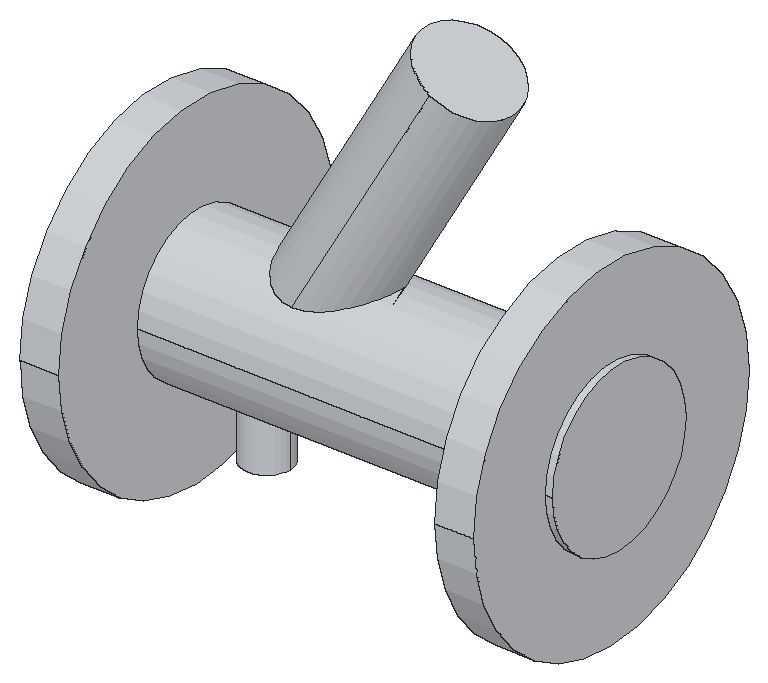
Revit family "HS 821-síto_jemné-PN16-DN015-RFA_2018", category Pipe Accessories, Revit 2018
Family settings
  Round Connector Dimension = Use Diameter
  Part Type = Breaks Into
  Work Plane-Based = No
  Always vertical = Yes
  Cut with Voids When Loaded = No
  Shared = No
Parameters (values of type "821A-DN015-PN16-síto_jemné")
  magiProductId = "a71bcfe8b393460598b23e8ddf7dc5"
  magiProductFamilyId = "79214ac3aaa945e397802f559f5c1e"
  magiPartTypeId = 307
  isMeasuringValve [instance] = no
  ang2D [instance] = 0.00°
  ZB__ve = -ZB  # -16.25 mm
  ZB1 = 18.63 mm
  ZB = 16.25 mm
  X2 = 46.982 mm
  X1 = 18.2 mm
  W2D = 15 mm
  VersionID = "2.0/2017.9.26.1/ZETKAMA_821_001"
  Use Minimum Symbol Size [instance] = yes
  URL = "www.hydronix.cz"
  Type Comments = "Filtr přírubový; síto jemné; A-PN16 (-10~300°C); D-PN25 (-10~350°C); F-PN40 (-10~400°C)"
  S = 46 mm
  QmdConnectorList = "301;D;302;D"
  Productdata [instance] = ""
  Manufacturer = "Hydronix"
  MC Product Code = "210 115 (821A; DN015; PN16; kvs6,2; oko síta 0,63mm)"
  LM1 = 10.4 mm
  LM = 104 mm
  L4 = 32.5 mm
  L2D_Min = 3048 mm
  L2D = 130 mm
  L2 = 65 mm
  HH2 = 81.375 mm
  FD = 95 mm
  Description = "Filtr přírubový; síto jemné; 821A-PN16; 821D-PN25; 821F-PN40"
  DM1 = 27.6 mm
  DM = 41.4 mm
  D = 15 mm
  CC = 2.21 mm
  CAT0 = yes
  C1 = 10.79 mm
  C = 13 mm
  BD = 13.041 mm
Types (40, lengths in mm): name | magiProductId | ZB__ve | ZB1 | ZB | X2 | X1 | S | MC Product Code | LM1 | LM | L4 | L2 | HH2 | FD | DM1 | DM | D | CC | C1 | C | BD
  821A-DN015-PN16-síto_jemné | "a71bcfe8b393460598b23e8ddf7dc5" | -16.25 | 18.63 | 16.25 | 46.982 | 18.2 | 46 | "210 115 (821A; DN015; PN16; kvs6,2; oko síta 0,63mm)" | 10.4 | 104 | 32.5 | 65 | 81.375 | 95 | 27.6 | 41.4 | 15 | 2.21 | 10.79 | 13 | 13.041
  821A-DN020-PN16-síto_jemné | "41cd6c7a12924f4991217528336076" | -17.75 | 22.68 | 17.75 | 51.673 | 21 | 56 | "210 120 (821A; DN020; PN16; kvs9,6; oko síta 0,63mm)" | 12 | 120 | 37.5 | 75 | 89.5 | 105 | 33.6 | 50.4 | 20 | 2.55 | 12.45 | 15 | 15.876
  821A-DN025-PN16-síto_jemné | "be378b463ed14c3abf4c9b3ae8cf3a" | -19.25 | 26.325 | 19.25 | 58.601 | 22.4 | 65 | "210 125 (821A; DN025; PN16; kvs14,2; oko síta 0,63mm)" | 12.8 | 128 | 40 | 80 | 101.5 | 115 | 43.2 | 58.5 | 25 | 2.72 | 13.28 | 16 | 18.427
  821A-DN032-PN16-síto_jemné | "227a0d18b21540afabe8b6067d35fa" | -23 | 30.78 | 23 | 68.849 | 25.2 | 76 | "210 132 (821A; DN032; PN16; kvs23,1; oko síta 0,63mm)" | 14.4 | 144 | 45 | 90 | 119.25 | 140 | 50.4 | 68.4 | 32 | 3.06 | 14.94 | 18 | 21.546
  821A-DN040-PN16-síto_jemné | "d106917c74724141a10440112d0102" | -24.5 | 34.02 | 24.5 | 75.777 | 28 | 84 | "210 140 (821A; DN040; PN16; kvs36,6; oko síta 0,63mm)" | 16 | 160 | 50 | 100 | 131.25 | 150 | 60 | 75.6 | 40 | 3.4 | 16.6 | 20 | 23.814
  821A-DN050-PN16-síto_jemné | "8255d456a09e4f6486734f5dd9171b" | -26.75 | 40.095 | 26.75 | 79.061 | 32.2 | 99 | "210 150 (821A; DN050 PN16; kvs53,7; oko síta 0,63mm)" | 18.4 | 184 | 57.5 | 115 | 136.938 | 165 | 73.8 | 89.1 | 50 | 3.91 | 19.09 | 23 | 28.066
  821A-DN065-PN16-síto_jemné | "235b1b3e4c0843779a4d5e3716d40a" | -29.75 | 47.79 | 29.75 | 86.927 | 40.6 | 118 | "210 165 (821A; DN065; PN16; kvs95,1; oko síta 0,63mm)" | 23.2 | 232 | 72.5 | 145 | 150.562 | 185 | 94.2 | 106.2 | 65 | 4.93 | 24.07 | 29 | 33.453
  821A-DN080-PN16-síto_jemné | "a067f7c5236348ed8c820d16df7214" | -32 | 53.46 | 32 | 104.753 | 43.4 | 132 | "210 180 (821A; DN080; PN16; kvs137,1; oko síta 0,63mm)" | 24.8 | 248 | 77.5 | 155 | 181.438 | 200 | 107.4 | 118.8 | 80 | 5.27 | 25.73 | 31 | 37.422
  821A-DN100-PN16-síto_jemné | "c49a648c2747461285837d643703cd" | -35 | 63.18 | 35 | 114.857 | 49 | 156 | "210 190 (821A; DN100; PN16; kvs206,4; oko síta 0,63mm)" | 28 | 280 | 87.5 | 175 | 198.937 | 220 | 131.4 | 140.4 | 100 | 5.95 | 29.05 | 35 | 44.226
  821A-DN125-PN16-síto_jemné | "bf68e728a163493cbd2a663b26ebdc" | -39.5 | 74.52 | 39.5 | 131.888 | 56 | 184 | "210 191 (821A; DN125; PN16; kvs268,8; oko síta 0,63mm)" | 32 | 320 | 100 | 200 | 228.438 | 250 | 165 | 165.6 | 125 | 6.8 | 33.2 | 40 | 52.164
  821A-DN150-PN16-síto_jemné | "2de770284b654863ae6bc865769dc5" | -44.75 | 85.455 | 44.75 | 155.885 | 67.2 | 211 | "210 192 (821A; DN150; PN16; kvs401,4; oko síta 0,63mm)" | 38.4 | 384 | 120 | 240 | 270 | 285 | 192 | 189.9 | 150 | 8.16 | 39.84 | 48 | 59.818
  821A-DN200-PN16-síto_jemné | "8e5693371ab64aabb29a7f08c76e15" | -53 | 107.73 | 53 | 188.361 | 84 | 266 | "210 193 (821A; DN200; PN16; kvs706,7; oko síta 0,63mm)" | 48 | 480 | 150 | 300 | 326.25 | 340 | 252 | 239.4 | 200 | 10.2 | 49.8 | 60 | 75.411
  821A-DN250-PN16-síto_jemné | "05e37ed948c34047acdd4c42556504" | -62.75 | 129.195 | 62.75 | 255.911 | 102.2 | 319 | "210 194 (821A; DN250; PN16; kvs1229,4; oko síta 0,63mm)" | 58.4 | 584 | 182.5 | 365 | 443.25 | 405 | 309.6 | 287.1 | 250 | 12.41 | 60.59 | 73 | 90.436
  821A-DN300-PN16-síto_jemné | "9ad0af747269428da925480d83ce80" | -71 | 149.85 | 71 | 325.914 | 119 | 370 | "210 195 (821A; DN300; PN16; kvs1902,4; oko síta 0,63mm)" | 68 | 680 | 212.5 | 425 | 564.5 | 460 | 369.6 | 333 | 300 | 14.45 | 70.55 | 85 | 104.895
  821A-DN350-PN16-síto_jemné | "eebc71459bb3451bb4355e7951370a" | -80 | 173.745 | 80 | 356.875 | 137.2 | 429 | "200 196 (821A; DN350; PN16; kvs2611,0; oko síta 0,63mm)" | 78.4 | 784 | 245 | 490 | 618.125 | 520 | 438 | 386.1 | 350 | 16.66 | 81.34 | 98 | 121.621
  821A-DN400-PN16-síto_jemné | "d2f677cb196647e385b2590e7d8abe" | -89 | 194.4 | 89 | 392.237 | 154 | 480 | "210 197 (821A; DN400; PN16; kvs3438,4; oko síta 0,63mm)" | 88 | 880 | 275 | 550 | 679.375 | 580 | 498 | 432 | 400 | 18.7 | 91.3 | 110 | 136.08
  821D-DN015-PN25-síto_jemné | "27ddcbf555414f8ca1fde329bf9087" | -16.25 | 18.63 | 16.25 | 46.982 | 18.2 | 46 | "210 215 (821D; DN015; PN25; kvs6,2; oko síta 0,63mm)" | 10.4 | 104 | 32.5 | 65 | 81.375 | 95 | 27.6 | 41.4 | 15 | 2.21 | 10.79 | 13 | 13.041
  821D-DN020-PN25-síto_jemné | "270e0f14012f47189cd0235c18faee" | -17.75 | 22.68 | 17.75 | 51.673 | 21 | 56 | "210 220 (821D; DN020; PN25; kvs9,6; oko síta 0,63mm)" | 12 | 120 | 37.5 | 75 | 89.5 | 105 | 33.6 | 50.4 | 20 | 2.55 | 12.45 | 15 | 15.876
  821D-DN025-PN25-síto_jemné | "b9a7fb4aa36643878c637d8e1ab992" | -19.25 | 26.325 | 19.25 | 58.601 | 22.4 | 65 | "210 225 (821D; DN025; PN25; kvs14,2; oko síta 0,63mm)" | 12.8 | 128 | 40 | 80 | 101.5 | 115 | 43.2 | 58.5 | 25 | 2.72 | 13.28 | 16 | 18.427
  821D-DN032-PN25-síto_jemné | "6be9a55c4e68400f94eec7e804204c" | -23 | 30.78 | 23 | 68.849 | 25.2 | 76 | "210 232 (821D; DN032; PN25; kvs23,1; oko síta 0,63mm)" | 14.4 | 144 | 45 | 90 | 119.25 | 140 | 50.4 | 68.4 | 32 | 3.06 | 14.94 | 18 | 21.546
  821D-DN040-PN25-síto_jemné | "c54511bd7f584ec2984291479612cb" | -24.5 | 34.02 | 24.5 | 75.777 | 28 | 84 | "210 240 (821D; DN040; PN25; kvs36,6; oko síta 0,63mm)" | 16 | 160 | 50 | 100 | 131.25 | 150 | 60 | 75.6 | 40 | 3.4 | 16.6 | 20 | 23.814
  821D-DN050-PN25-síto_jemné | "5483b1f596b04cd39b23a14a22c90e" | -26.75 | 40.095 | 26.75 | 79.061 | 32.2 | 99 | "210 250 (821D; DN050; PN25; kvs53,7; oko síta 0,63mm)" | 18.4 | 184 | 57.5 | 115 | 136.938 | 165 | 73.8 | 89.1 | 50 | 3.91 | 19.09 | 23 | 28.066
  821D-DN065-PN25-síto_jemné | "767b0f8318e94750bc7a9930ed5b30" | -29.75 | 47.79 | 29.75 | 86.927 | 40.6 | 118 | "210 265 (821D; DN065; PN25; kvs95,1; oko síta 0,63mm)" | 23.2 | 232 | 72.5 | 145 | 150.562 | 185 | 94.2 | 106.2 | 65 | 4.93 | 24.07 | 29 | 33.453
  821D-DN080-PN25-síto_jemné | "e21040fa3cc2404b858198f6b73709" | -32 | 53.46 | 32 | 104.753 | 43.4 | 132 | "210 280 (821D; DN080; PN25; kvs137,1; oko síta 0,63mm)" | 24.8 | 248 | 77.5 | 155 | 181.438 | 200 | 107.4 | 118.8 | 80 | 5.27 | 25.73 | 31 | 37.422
  821D-DN100-PN25-síto_jemné | "175ca87a506b40b3bc6b82f12f33cf" | -37.25 | 63.18 | 37.25 | 114.857 | 49 | 156 | "210 290 (821D; DN100; PN25; kvs206,4; oko síta 0,63mm)" | 28 | 280 | 87.5 | 175 | 198.937 | 235 | 131.4 | 140.4 | 100 | 5.95 | 29.05 | 35 | 44.226
  821D-DN125-PN25-síto_jemné | "77cc98d60da24855999a22dff726b2" | -42.5 | 74.52 | 42.5 | 131.888 | 56 | 184 | "210 291 (821D; DN125; PN25; kvs268,8; oko síta 0,63mm)" | 32 | 320 | 100 | 200 | 228.438 | 270 | 165 | 165.6 | 125 | 6.8 | 33.2 | 40 | 52.164
  821D-DN150-PN25-síto_jemné | "9cf8acfcd15547d68e83172d3abcbe" | -47 | 85.455 | 47 | 155.885 | 67.2 | 211 | "210 292 (821D; DN150; PN25; kvs401,4; oko síta 0,63mm)" | 38.4 | 384 | 120 | 240 | 270 | 300 | 192 | 189.9 | 150 | 8.16 | 39.84 | 48 | 59.818
  821D-DN200-PN25-síto_jemné | "16973f3c9ea14389ba8602495a6b64" | -56 | 110.97 | 56 | 188.361 | 84 | 274 | "210 293 (821D; DN200; PN25; kvs706,7; oko síta 0,63mm)" | 48 | 480 | 150 | 300 | 326.25 | 360 | 252 | 246.6 | 200 | 10.2 | 49.8 | 60 | 77.679
  821F-DN015-PN40-síto_jemné | "4c7eaf3c4c0340888b3e684d8a8616" | -16.25 | 18.225 | 16.25 | 46.982 | 18.2 | 45 | "250 615 (821F; DN015; PN40; kvs6,2; oko síta 0,63mm)" | 10.4 | 104 | 32.5 | 65 | 81.375 | 95 | 27.6 | 40.5 | 15 | 2.21 | 10.79 | 13 | 12.757
  821F-DN020-PN40-síto_jemné | "aaac5f1ec96b44d6ba96ac2293d66d" | -17.75 | 23.49 | 17.75 | 51.673 | 21 | 58 | "250 620 (821F; DN020; PN40; kvs9,6; oko síta 0,63mm)" | 12 | 120 | 37.5 | 75 | 89.5 | 105 | 33.6 | 52.2 | 20 | 2.55 | 12.45 | 15 | 16.443
  821F-DN025-PN40-síto_jemné | "504768023968471481789485b54c7e" | -19.25 | 27.54 | 19.25 | 58.601 | 22.4 | 68 | "250 625 (821F; DN025; PN40; kvs14,2; oko síta 0,63mm)" | 12.8 | 128 | 40 | 80 | 101.5 | 115 | 43.2 | 61.2 | 25 | 2.72 | 13.28 | 16 | 19.278
  821F-DN032-PN40-síto_jemné | "165e7f39cf744f329bdf1c400dad12" | -23 | 31.59 | 23 | 68.849 | 25.2 | 78 | "250 632 (821F; DN032; PN40; kvs23,1; oko síta 0,63mm)" | 14.4 | 144 | 45 | 90 | 119.25 | 140 | 50.4 | 70.2 | 32 | 3.06 | 14.94 | 18 | 22.113
  821F-DN040-PN40-síto_jemné | "b8903f952089408fbf3a5a632bab1f" | -24.5 | 35.64 | 24.5 | 75.777 | 28 | 88 | "250 640 (821F; DN040; PN40; kvs36,6; oko síta 0,63mm)" | 16 | 160 | 50 | 100 | 131.25 | 150 | 60 | 79.2 | 40 | 3.4 | 16.6 | 20 | 24.948
  821F-DN050-PN40-síto_jemné | "c451f97266fe48da8f879cb6a2bd44" | -26.75 | 41.31 | 26.75 | 79.061 | 32.2 | 102 | "250 650 (821F; DN050; PN40; kvs53,7; oko síta 0,63mm)" | 18.4 | 184 | 57.5 | 115 | 136.938 | 165 | 73.8 | 91.8 | 50 | 3.91 | 19.09 | 23 | 28.917
  821F-DN065-PN40-síto_jemné | "dc9821e3f9b34e128f6a8c6b34c198" | -29.75 | 49.41 | 29.75 | 86.927 | 40.6 | 122 | "250 665 (821F; DN065; PN40; kvs95,1; oko síta 0,63mm)" | 23.2 | 232 | 72.5 | 145 | 150.562 | 185 | 94.2 | 109.8 | 65 | 4.93 | 24.07 | 29 | 34.587
  821F-DN080-PN40-síto_jemné | "689aa1e260f84cf4994f027a1d86b5" | -32 | 55.89 | 32 | 104.753 | 43.4 | 138 | "250 680 (821F; DN080; PN40; kvs137,1; oko síta 0,63mm)" | 24.8 | 248 | 77.5 | 155 | 181.438 | 200 | 107.4 | 124.2 | 80 | 5.27 | 25.73 | 31 | 39.123
  821F-DN100-PN40-síto_jemné | "8a45d4e8e2ab425f8c432f21d684f3" | -37.25 | 65.61 | 37.25 | 114.857 | 49 | 162 | "250 690 (821F; DN100; PN40; kvs206,4; oko síta 0,63mm)" | 28 | 280 | 87.5 | 175 | 198.937 | 235 | 131.4 | 145.8 | 100 | 5.95 | 29.05 | 35 | 45.927
  821F-DN125-PN40-síto_jemné | "cf073904c006406b8645afa67ea2fc" | -42.5 | 76.14 | 42.5 | 131.888 | 56 | 188 | "250 691 (821F; DN125; PN40; kvs268,8; oko síta 0,63mm)" | 32 | 320 | 100 | 200 | 228.438 | 270 | 165 | 169.2 | 125 | 6.8 | 33.2 | 40 | 53.298
  821F-DN150-PN40-síto_jemné | "0153b9ddabe14992a630484929fdbc" | -47 | 88.29 | 47 | 155.885 | 67.2 | 218 | "250 692 (821F; DN150; PN40; kvs401,4; oko síta 0,63mm)" | 38.4 | 384 | 120 | 240 | 270 | 300 | 192 | 196.2 | 150 | 8.16 | 39.84 | 48 | 61.803
  821F-DN200-PN40-síto_jemné | "7fb3fc01dd8d42428c203e3f8dd4d5" | -56 | 115.425 | 56 | 188.361 | 84 | 285 | "250 693 (821F; DN200; PN40; kvs706,7; oko síta 0,63mm)" | 48 | 480 | 150 | 300 | 326.25 | 360 | 252 | 256.5 | 200 | 10.2 | 49.8 | 60 | 80.797
Reference planes
  plane 1 "Center (Front/Back)": y = 0
  plane 2 "XYPLANE": z = 0
  plane 3 "Center (Left/Right)": x = 0
  plane 4 "109": x = -41.6
  plane 5 "108": x = 52
  plane 6 "107": x = -52
  plane 7 "105": x = 65
  plane 8 "104": x = -65
  plane 9 "103": y = 0
  plane 10 "102": z = 0
  plane 11 "101": x = -62.79
  plane 12 "100": x = 62.79
  plane 13 "11": x = -23.4
  plane 14 "10": z = 81.375
  plane 15 "9": x = 23.582
  plane 16 "5": z = -18.63
  plane 17 "4": x = -32.5
  plane 18 "1": x = 32.5
Forms (mm)
  Extrusion 1, solid, visible <- "CAT0"
    sketch origin (-52, -750, 0) x (0, 1, 0) y (0, 0, 1)
      loop
        circle (750, 0) r 20.7
    from 0 to 104 <- "LM"
  Extrusion 2, solid
    sketch origin (-65, -750, 0) x (0, 1, 0) y (0, 0, 1)
      loop
        circle (750, 0) r 23
    from 0 to 2.21 <- "CC"
  Extrusion 3, solid
    sketch origin (-62.79, -750, 0) x (0, 1, 0) y (0, 0, 1)
      loop
        circle (750, 0) r 47.5
    from 0 to 10.79 <- "C1"
  Extrusion 4, solid
    sketch origin (52, -750, 0) x (0, 1, 0) y (0, 0, 1)
      loop
        circle (750, 0) r 47.5
    from 0 to 10.79 <- "C1"
  Extrusion 5, solid
    sketch origin (62.79, -750, 0) x (0, 1, 0) y (0, 0, 1)
      loop
        circle (750, 0) r 23
    from 0 to 2.21 <- "CC"
  Sweep 6, solid, visible <- "CAT0"
    path origin (750, 0, 0) x (-1, 0, 0) y (0, 0, 1)
      loop
        line (802, 0) -> (773.4, 0) -> (726.418, 81.375)
    profile origin (-52, 0, 0) x (0, 0, -1) y (0, 1, 0)
      loop
        circle (0, 0) r 13.8
  Extrusion 7, solid, visible <- "CAT0"
    sketch origin (-750, 0, -18.63) x (1, 0, 0) y (0, 1, 0)
      loop
        circle (717.5, 0) r 6.52
    from 0 to -16.25 <- "ZB__ve"
  Extrusion 8, solid, visible <- "CAT0"
    sketch origin (-750, 0, -18.63) x (1, 0, 0) y (0, 1, 0)
      loop
        circle (782.5, 0) r 6.52
    from 0 to -16.25 <- "ZB__ve"
  Extrusion 9, solid, not visible
    sketch origin (65, -750, 0) x (0, 1, 0) y (0, 0, 1)
      loop
        circle (750, 0) r 10
    from 0 to -10
  Extrusion 10, solid, not visible
    sketch origin (-65, -750, 0) x (0, 1, 0) y (0, 0, 1)
      loop
        circle (750, 0) r 10
    from 0 to 10
Lines and regions (mm)
  reference lines, not visible
    curve 1: circle (2, 2, 0) r 1 normal (0, 0, 1)
Dimensions and locks
  plane 1 "Center (Front/Back)" to curve 1 = 2 mm
  "LM1": plane 6 "107" to plane 4 "109"
  "LM": plane 6 "107" to plane 5 "108"
  "C": plane 8 "104" to plane 6 "107"
  "L2": plane 3 "Center (Left/Right)" to plane 7 "105"
  "L2": plane 3 "Center (Left/Right)" to plane 8 "104"
  locked: plane 1 "Center (Front/Back)" to plane 9 "103"
  locked: plane 2 "XYPLANE" to plane 10 "102"
  "CC": plane 8 "104" to plane 11 "101"
  "C1": plane 5 "108" to plane 12 "100"
  "X1": plane 4 "109" to plane 13 "11"
  "HH2": plane 2 "XYPLANE" to plane 14 "10"
  "X2": plane 13 "11" to plane 15 "9"
  "ZB1": plane 2 "XYPLANE" to plane 16 "5"
  "L4": plane 8 "104" to plane 17 "4"
  "L2": plane 17 "4" to plane 18 "1"
  Sweep 6 sketch curve to Sweep 6 sketch curve = 0 mm  (x2)
  "DM": diameter of Extrusion 1 sketch curve
  "S": diameter of Extrusion 2 sketch curve
  "FD": diameter of Extrusion 3 sketch curve
  "FD": diameter of Extrusion 4 sketch curve
  "S": diameter of Extrusion 5 sketch curve
  "DM1": diameter of Sweep 6 sketch curve
  "BD": diameter of Extrusion 7 sketch curve
  "BD": diameter of Extrusion 8 sketch curve
  aligned and locked: level to plane 2 "XYPLANE"
  aligned and locked: Extrusion 1 sketch curve to plane 9 "103"
  aligned and locked: plane 10 "102" to Extrusion 1 sketch curve
  aligned and locked: Extrusion 2 sketch curve to plane 9 "103"
  aligned and locked: plane 10 "102" to Extrusion 2 sketch curve
  aligned and locked: Extrusion 3 sketch curve to plane 9 "103"
  aligned and locked: plane 10 "102" to Extrusion 3 sketch curve
  aligned and locked: Extrusion 4 sketch curve to plane 9 "103"
  aligned and locked: plane 10 "102" to Extrusion 4 sketch curve
  aligned and locked: Extrusion 5 sketch curve to plane 9 "103"
  aligned and locked: plane 10 "102" to Extrusion 5 sketch curve
  aligned and locked: Sweep 6 sketch curve to plane 9 "103"
  aligned and locked: plane 10 "102" to Sweep 6 sketch curve  (x3)
  aligned and locked: plane 6 "107" to Sweep 6 sketch curve
  aligned and locked: plane 13 "11" to Sweep 6 sketch curve
  aligned and locked: plane 14 "10" to Sweep 6 sketch curve
  aligned and locked: plane 15 "9" to Sweep 6 sketch curve
  aligned and locked: plane 9 "103" to Extrusion 7 sketch curve
  aligned and locked: plane 17 "4" to Extrusion 7 sketch curve
  aligned and locked: plane 9 "103" to Extrusion 8 sketch curve
  aligned and locked: plane 18 "1" to Extrusion 8 sketch curve
  aligned and locked: Extrusion 9 sketch curve to plane 9 "103"
  aligned and locked: plane 10 "102" to Extrusion 9 sketch curve
  aligned and locked: Extrusion 10 sketch curve to plane 9 "103"
  aligned and locked: plane 10 "102" to Extrusion 10 sketch curve
Automatic sketch dimensions
  plane 1 "Center (Front/Back)" to Extrusion 9 sketch curve = 10 mm
  plane 1 "Center (Front/Back)" to Extrusion 10 sketch curve = 10 mm
  plane 3 "Center (Left/Right)" to curve 1 = 2 mm
  radius of curve 1 = 1 mm
Connectors
  piping at (-65, 0, 0), diameter 15, driven by "D"
    settings: on Extrusion 10, index 1, connector inside diameter 609.6 mm, connector length 0 mm, flow factor 0, pipe flow 0.0 L/s, pressure drop 0.0 Pa, fitting loss kfactor 0, connector angle 0.00°, fixture units 0, engagement length 0 mm, angle of deflection 0.00°, flow configuration 0, flow direction 0, fitting loss method 0, system type 29, joint type 0, gender type 0, connector reference index 2, connector utility 0, adjustable connector no, is connector primary yes, connector description ""
  piping at (65, 0, 0), diameter 15, driven by "D"
    settings: on Extrusion 9, index 2, connector inside diameter 609.6 mm, connector length 0 mm, flow factor 0, pipe flow 0.0 L/s, pressure drop 0.0 Pa, fitting loss kfactor 0, connector angle 0.00°, fixture units 0, engagement length 0 mm, angle of deflection 0.00°, flow configuration 0, flow direction 0, fitting loss method 0, system type 29, joint type 0, gender type 0, connector reference index 1, connector utility 0, adjustable connector no, is connector primary no, connector description ""
